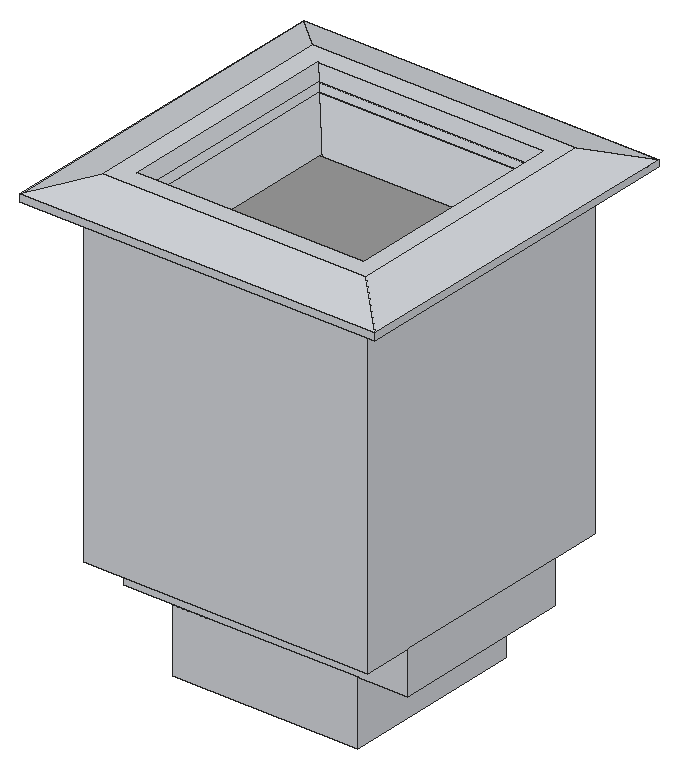
Revit family "2061051 Sylvania Lighting Fixture DOMINO 1xLED 930 BLACK MB TRIM BLACK", category Lighting Fixtures, host Face, Revit 2018
Family settings
  Host = Face
  Round Connector Dimension = Use Diameter
  Part Type = Normal
  OmniClass Number = 23.80.70.00
  OmniClass Title = Lighting
  Cut with Voids When Loaded = No
  Light Source = Yes
  Shared = No
  Room Calculation Point = No
Parameters (values of type "2061051 DOMINO 1XLED 930 BLACK MB TR BLK ")
  top top width = 15.812 mm
  top top length = 26 mm
  Width = 50 mm
  Weight = "n/a"
  Wattage Comments = ""
  Wattage = 9.2903 W
  WarrantyStartDate [instance] = "n/a"
  WarrantyGuarantorParts = "n/a"
  WarrantyDurationUnit = "n/a"
  WarrantyDurationParts = ""
  WarrantyDescription = "http://www.sylvania-lighting.com"
  built-in parameter 1150110 = 1 (stored number, unit not read)
  Voltage = 0 V
  URL = "0.6"
  TypeName = "DOMINO 1xLED 930 BLACK MB TRIM BLACK"
  Type Image = <None>
  Type Comments = "n/a"
  built-in parameter 1114217 = 1 (stored number, unit not read)
  Top Width = 26 mm
  Tilt Angle = 90.00°
  built-in parameter 1150109 = 1 (stored number, unit not read)
  built-in parameter 1150134 = 3
  built-in parameter 1150113 = 1 (stored number, unit not read)
  SerialNumber [instance] = "n/a"
  Recessed Width = 43 mm
  Recessed Length = 43 mm
  Photometric Web File = "2061051.ies"
  Material_3_FEILO = none
  PowerFactor = 0
  PowerConsumption = "Lighting"
  NominalLength = 50 mm
  NominalHeight = 0 mm
  NominalDepth = 0 mm
  Name = "DOMINO 1xLED 930 BLACK MB TRIM BLACK"
  ModelReference = Name  # "DOMINO 1xLED 930 BLACK MB TRIM BLACK"
  ModelNumber = "2061051"
  Model = Name  # "DOMINO 1xLED 930 BLACK MB TRIM BLACK"
  Material = "Feilo Sylvania"
  ManufacturerName = "44 lm/W"
  Manufacturer = ""
  LuminousEfficacy = ""
  built-in parameter 1150105 = 109.82 (stored number, unit not read)
  Lumens = 1380 lm
  LuminaireType = "0"
  built-in parameter 1150115 = 1 (stored number, unit not read)
  LightOutputRatio = "LED"
  built-in parameter 1150137 = (empty or 0)
  built-in parameter 1150139 = (empty or 0)
  Lens inside recess = 25 mm
  Lens Width = 32 mm
  Lens Outside recess = 31.978 mm
  Lens = Glass, White, High Luminance
  Length = 50 mm
  LampsType = Lamp  # "n/a"
  LampNominalLuminous = "3000 K"
  LampMacAdamStep = "90"
  LampColourTemperature = "LED"
  LampColourRenderingIndex = "16500"
  built-in parameter 1150112 = 1 (stored number, unit not read)
  built-in parameter 1150114 = 1 (stored number, unit not read)
  Lamp = "n/a"
  Keynote = "n/a"
  InstallationDate [instance] = "n/a"
  InputVoltage = "0"
  InputNominalFrequency = "3000"
  built-in parameter 1150132 = (empty or 0)
  built-in parameter 1150102 = (empty or 0)
  built-in parameter 1150107 = 3200 (stored number, unit not read)
  built-in parameter 1150138 = (empty or 0)
  IngressProtection = "IfcLightFixtureType"
  ImpactProtectionIndex = "IfcLightFixtureType"
  built-in parameter 1150106 = 1.0982 (stored number, unit not read)
  IfcExportType = "IfcLightFixtureType"
  IfcExportAs = "Class II"
  Facia internal width = 37 mm
  Facia internal length = 37 mm
  Facia Height = 2 mm
  ExpectedLife = 50000
  Emit from Circle Diameter = 609.6 mm
  Emit Shape Visible in Rendering = no
  ElectricShockClassification = "44"
  built-in parameter 1150104 = 13.8 (stored number, unit not read)
  DurationUnit = "hours"
  DocumentationLiterature = "http://www.sylvania-lighting.com/product/en-int/products/2061051"
  DimmingControlOptions = "n/a"
  Material_2_FEILO = none
  Dimming Lamp Color Temperature Shift = <None>
  Description = "Modular LED recessed linear spotlight, ideal for retail and hospitality applications. Die-cast aluminium body, passive cooling. Two levels of reflector installation, low glaring UGR<16. 1x LED source, 30° beam angle , optics: PMMA lens and polycarbonate reflector combination, Black matt reflector finish. Light color temperature: 3000K warm white, total system power: 4W , total fixture lumen output: 175lm, efficacy: 44 lm/W, Ra90 typical, LED chromacity: 3 step MacAdam ellipse (SDCM3), lifespan: 96,000 hours at 90% of the original output (L90B10), IR/UV free light source without heat radiation, operating voltage: 220-240V / 50-60Hz, electronic driver, ultra low flicker, non-dimmable , electrical protection: Class II. Degree of Protection: IP40/IP20, suitable for indoor environment only. Ceiling cut-out: 43x43mm, outer dimensions:  50x50mm trim frame RAL 9005 - Jet black color.5 years Warranty."
  Default Elevation = 1219.2 mm
  CreatedOn = "09/02/2021"
  CreatedBy = "@sylvania-lighting.com"
  Cost = 0
  Color Filter = 16777215
  built-in parameter 1114216 [instance] = (empty or 0)
  ClassificationValue = "EF_70_80"
  ClassificationName = "Uniclass2015"
  Material_1_FEILO = none
  Body Width = 40 mm
  Body Length = 40 mm
  BarCode [instance] = "n/a"
  built-in parameter 1114218 = 1 (stored number, unit not read)
  built-in parameter 1150133 = 10 (stored number, unit not read)
  AssetType = "Fixed"
  AssetIdentifier [instance] = "n/a"
  Assembly Code = "D5020200"
  Apparent Load = 4 VA
  Material_4_FEILO = none
Reference planes
  plane 1 "Center (Front/Back)": y = 0
  plane 2: z = 0
  plane 3 "Center (Left/Right)": x = 0
  plane 4: z = 0
  plane 5: z = -7
  plane 6: z = -45.895
  plane 7: z = -51.895
  plane 8: z = -60.895
  plane 9: x = -21.5
  plane 10: x = 21.5
  plane 11: y = 21.5
  plane 12: y = -21.5
  plane 13: x = -25
  plane 14: x = 25
  plane 15: y = 25
  plane 16: y = -25
  plane 17: x = 18.5
  plane 18: x = -18.5
  plane 19: y = 18.5
  plane 20: y = -18.5
  plane 21: z = 2
  plane 22: x = -20
  plane 23: x = 20
  plane 24: y = 20
  plane 25: y = -20
  plane 26: y = 13
  plane 27: y = -13
  plane 28: y = 16
  plane 29: y = -16
  plane 30: x = 13
  plane 31: x = -13
  plane 32: x = -15.772
  plane 33: x = 16.206
  plane 34: y = 12.5
  plane 35: y = -12.5
  plane 36: x = -12.5
  plane 37: x = 12.5
Forms (mm)
  Extrusion 1, solid, not visible, detail levels medium+fine
    sketch origin (4.2, 0, 0) x (1, 0, 0) y (0, 1, 0)
      loop
        line (-29.2, 34.5) -> (-29.2, -34.5) -> (20.8, -34.5) -> (20.8, 34.5) -> (-29.2, 34.5)
    from 0 to 1
  Extrusion 2, solid, not visible, detail levels medium+fine
    sketch origin (4.044, 0, 0) x (1, 0, 0) y (0, 1, 0)
      loop
        line (-29.2, 34.5) -> (-29.2, -34.5) -> (20.8, -34.5) -> (20.8, 34.5) -> (-29.2, 34.5)
    from 0 to 1
  Blend 3, solid, not visible, detail levels medium+fine
    base sketch origin (4.2, 0, 0) x (1, 0, 0) y (0, 1, 0)
      loop
        line (-29.2, 34.5) -> (-29.2, -34.5) -> (20.8, -34.5) -> (20.8, 34.5) -> (-29.2, 34.5)
    top sketch origin (4.2, 0, 0) x (1, 0, 0) y (0, 1, 0)
      loop
        line (-21.7, 28) -> (-21.7, -28) -> (13.3, -28) -> (13.3, 28) -> (-21.7, 28)
    from 1 to 3
  Extrusion 4, solid, not visible, detail levels medium+fine
    sketch origin (3.419, 0, 0) x (1, 0, 0) y (0, 1, 0)
      loop
        line (-29.2, 34.5) -> (-29.2, -34.5) -> (20.8, -34.5) -> (20.8, 34.5) -> (-29.2, 34.5)
    from 0 to 1
  Blend 5, solid, not visible, detail levels medium+fine
    base sketch origin (3.575, 0, 0) x (1, 0, 0) y (0, 1, 0)
      loop
        line (-29.2, 34.5) -> (-29.2, -34.5) -> (20.8, -34.5) -> (20.8, 34.5) -> (-29.2, 34.5)
    top sketch origin (3.575, 0, 0) x (1, 0, 0) y (0, 1, 0)
      loop
        line (-21.7, 28) -> (-21.7, -28) -> (13.3, -28) -> (13.3, 28) -> (-21.7, 28)
    from 1 to 3
  Extrusion 6, solid, not visible, detail levels medium+fine
    sketch origin (4.247, 0, 0) x (1, 0, 0) y (0, 1, 0)
      loop
        line (-29.2, 34.5) -> (-29.2, -34.5) -> (20.8, -34.5) -> (20.8, 34.5) -> (-29.2, 34.5)
    from 0 to 1
  Blend 7, solid, not visible, detail levels medium+fine
    base sketch origin (4.403, 0, 0) x (1, 0, 0) y (0, 1, 0)
      loop
        line (-29.2, 34.5) -> (-29.2, -34.5) -> (20.8, -34.5) -> (20.8, 34.5) -> (-29.2, 34.5)
    top sketch origin (4.403, 0, 0) x (1, 0, 0) y (0, 1, 0)
      loop
        line (-21.7, 28) -> (-21.7, -28) -> (13.3, -28) -> (13.3, 28) -> (-21.7, 28)
    from 1 to 3
  Extrusion 8, void, detail levels medium+fine
    sketch origin (4.2, 0, 0) x (0, 1, 0) y (1, 0, 0)
      loop
        line (21.5, -25.7) -> (21.5, 17.3) -> (-21.5, 17.3) -> (-21.5, -25.7) -> (21.5, -25.7)
    from -9.934 to 83.097
  Extrusion 9, solid, detail levels medium+fine
    sketch origin (4.2, 0, 0) x (1, 0, 0) y (0, 1, 0)
      loop
        line (-29.2, 25) -> (-29.2, -25) -> (20.8, -25) -> (20.8, 25) -> (-29.2, 25)
    from 0 to 1
  Extrusion 10, solid, detail levels medium+fine
    sketch origin (4.2, 0, 0) x (1, 0, 0) y (0, 1, 0)
      loop
        line (-24.2, 20) -> (-24.2, -20) -> (15.8, -20) -> (15.8, 20) -> (-24.2, 20)
    from 0 to -45.895
  Extrusion 11, solid, detail levels medium+fine
    sketch origin (4.2, 0, 0) x (1, 0, 0) y (0, 1, 0)
      loop
        line (-24.2, 13) -> (-24.2, -13) -> (15.8, -13) -> (15.8, 13) -> (-24.2, 13)
    from -51.895 to -45.895
  Extrusion 12, solid, material "Glass, White, High Luminance" <- "Lens", detail levels fine
    sketch origin (13.547, 1218.849, 36.156) x (1, 0, 0) y (0, 1, 0)
      loop
        line (-26.047, -1206.7) -> (-26.047, -1231.7) -> (-1.047, -1231.7) -> (-1.047, -1206.7) -> (-26.047, -1206.7)
    from -43.156 to -42.182
  Blend 13, solid, detail levels medium+fine
    base sketch origin (4.2, 0, 0) x (1, 0, 0) y (0, 1, 0)
      loop
        line (-29.2, 25) -> (-29.2, -25) -> (20.8, -25) -> (20.8, 25) -> (-29.2, 25)
    top sketch origin (4.2, 0, 0) x (1, 0, 0) y (0, 1, 0)
      loop
        line (-22.7, 18.5) -> (-22.7, -18.5) -> (14.3, -18.5) -> (14.3, 18.5) -> (-22.7, 18.5)
    from 1 to 3
  Extrusion 14, solid, detail levels fine
    sketch origin (0, 0, 0) x (1, 0, 0) y (0, 0, 1)
      loop
        line (-13, -51.895) -> (-13, -60.895) -> (13, -60.895) -> (13, -51.895) -> (-13, -51.895)
    from -13 to 13
  Blend 15, void, detail levels medium+fine
    base sketch origin (4.2, 0, 0) x (0, 1, 0) y (-1, 0, 0)
      loop
        line (16, 19.972) -> (-16, 19.972) -> (-16, -12.006) -> (16, -12.006) -> (16, 19.972)
    top sketch origin (4.2, 0, 0) x (0, 1, 0) y (-1, 0, 0)
      loop
        line (12.5, 16.7) -> (-12.5, 16.7) -> (-12.5, -8.3) -> (12.5, -8.3) -> (12.5, 16.7)
    from 3 to -7
  Extrusion 16, solid, detail levels coarse
    sketch origin (4.2, 0, 0) x (1, 0, 0) y (0, 1, 0)
      loop
        line (-29.2, 25) -> (-29.2, -25) -> (20.8, -25) -> (20.8, 25) -> (-29.2, 25)
    from 3 to -60.895
Cuts and joins
  Blend 15 cuts Extrusion 9
  Blend 15 cuts Extrusion 10
  Blend 15 cuts Blend 13
Dimensions and locks
  "Recessed Length": plane 9 to plane 10
  equal spacing: plane 9, plane 3 "Center (Left/Right)", plane 10
  "Length": plane 13 to plane 14
  equal spacing: plane 13, plane 3 "Center (Left/Right)", plane 14
  "Recessed Width": plane 11 to plane 12
  equal spacing: plane 11, plane 1 "Center (Front/Back)", plane 12
  "Width": plane 15 to plane 16
  equal spacing: plane 15, plane 1 "Center (Front/Back)", plane 16
  "Facia internal length": plane 18 to plane 17
  equal spacing: plane 18, plane 3 "Center (Left/Right)", plane 17
  "Facia internal width": plane 19 to plane 20
  equal spacing: plane 19, plane 1 "Center (Front/Back)", plane 20
  "Facia Height": plane 21 to host face
  "Body Length": plane 22 to plane 23
  equal spacing: plane 22, plane 3 "Center (Left/Right)", plane 23
  "Body Width": plane 24 to plane 25
  equal spacing: plane 24, plane 1 "Center (Front/Back)", plane 25
  "Top Width": plane 26 to plane 27
  equal spacing: plane 26, plane 1 "Center (Front/Back)", plane 27
  "Lens Width": plane 28 to plane 29
  equal spacing: plane 28, plane 1 "Center (Front/Back)", plane 29
  "top top length": plane 31 to plane 30
  equal spacing: plane 31, plane 3 "Center (Left/Right)", plane 30  (x2)
  plane 30 to plane 31 = 26 mm
  equal spacing: plane 30, plane 3 "Center (Left/Right)", plane 31
  "Lens Outside recess": plane 32 to plane 33
  "Lens inside recess": plane 34 to plane 35
  equal spacing: plane 34, plane 1 "Center (Front/Back)", plane 35
  aligned and locked: plane 2 to host face
  aligned and locked: level to host face
  aligned and locked: Extrusion 11 to plane 7
  aligned and locked: Extrusion 10 to plane 6
  aligned and locked: cut or joined group of Blend 13, Blend 15 to Blend 15
Automatic sketch dimensions
  host sketch curve to host sketch curve = 2438.4 mm  (x2)
  Extrusion 1 sketch curve to Extrusion 1 sketch curve = 50 mm
  Extrusion 1 sketch curve to Extrusion 1 sketch curve = 69 mm
  Extrusion 2 sketch curve to Extrusion 2 sketch curve = 50 mm
  Extrusion 2 sketch curve to Extrusion 2 sketch curve = 69 mm
  Blend 3 sketch curve to Blend 3 sketch curve = 50 mm
  Blend 3 sketch curve to Blend 3 sketch curve = 69 mm
  Blend 3 sketch curve to Blend 3 sketch curve = 35 mm
  Blend 3 sketch curve to Blend 3 sketch curve = 56 mm
  Extrusion 4 sketch curve to Extrusion 4 sketch curve = 50 mm
  Extrusion 4 sketch curve to Extrusion 4 sketch curve = 69 mm
  Blend 5 sketch curve to Blend 5 sketch curve = 50 mm
  Blend 5 sketch curve to Blend 5 sketch curve = 69 mm
  Blend 5 sketch curve to Blend 5 sketch curve = 35 mm
  Blend 5 sketch curve to Blend 5 sketch curve = 56 mm
  Extrusion 6 sketch curve to Extrusion 6 sketch curve = 50 mm
  Extrusion 6 sketch curve to Extrusion 6 sketch curve = 69 mm
  Blend 7 sketch curve to Blend 7 sketch curve = 50 mm
  Blend 7 sketch curve to Blend 7 sketch curve = 69 mm
  Blend 7 sketch curve to Blend 7 sketch curve = 35 mm
  Blend 7 sketch curve to Blend 7 sketch curve = 56 mm
  plane 9 to Extrusion 8 sketch curve = 0 mm
  Extrusion 8 sketch curve to plane 12 = 0 mm
  Extrusion 8 sketch curve to plane 11 = 0 mm
  Extrusion 8 sketch curve to plane 10 = 0 mm
  plane 13 to Extrusion 9 sketch curve = 0 mm
  plane 14 to Extrusion 9 sketch curve = 0 mm
  Extrusion 9 sketch curve to plane 16 = 0 mm
  Extrusion 9 sketch curve to plane 15 = 0 mm
  Extrusion 10 sketch curve to plane 22 = 0 mm
  Extrusion 10 sketch curve to plane 23 = 0 mm
  Extrusion 10 sketch curve to plane 25 = 0 mm
  Extrusion 10 sketch curve to plane 24 = 0 mm
  Extrusion 11 sketch curve to plane 22 = 0 mm
  Extrusion 11 sketch curve to plane 23 = 0 mm
  Extrusion 11 sketch curve to plane 27 = 0 mm
  Extrusion 11 sketch curve to plane 26 = 0 mm
  Extrusion 12 sketch curve to plane 11 = 9.351 mm
  plane 1 "Center (Front/Back)" to Extrusion 12 sketch curve = 12.851 mm
  plane 18 to Extrusion 12 sketch curve = 6 mm
  Blend 13 sketch curve to plane 13 = 0 mm
  Blend 13 sketch curve to plane 14 = 0 mm
  Blend 13 sketch curve to plane 16 = 0 mm
  Blend 13 sketch curve to plane 15 = 0 mm
  Blend 13 sketch curve to plane 18 = 0 mm
  Blend 13 sketch curve to plane 17 = 0 mm
  Blend 13 sketch curve to plane 20 = 0 mm
  Blend 13 sketch curve to plane 19 = 0 mm
  Extrusion 12 sketch curve to Extrusion 12 sketch curve = 25 mm
  Extrusion 14 sketch curve to plane 8 = 0 mm
  Extrusion 14 sketch curve to plane 31 = 0 mm
  Extrusion 14 sketch curve to plane 30 = 0 mm
  Extrusion 14 sketch curve to plane 7 = 0 mm
  Blend 15 sketch curve to plane 29 = 0 mm
  Blend 15 sketch curve to plane 28 = 0 mm
  Blend 15 sketch curve to plane 33 = 0 mm
  Blend 15 sketch curve to plane 32 = 0 mm
  Blend 15 sketch curve to plane 35 = 0 mm
  Blend 15 sketch curve to plane 34 = 0 mm
  Blend 15 sketch curve to plane 37 = 0 mm
  Blend 15 sketch curve to plane 36 = 0 mm
  Extrusion 16 sketch curve to plane 13 = 0 mm
  Extrusion 16 sketch curve to plane 14 = 0 mm
  Extrusion 16 sketch curve to plane 16 = 0 mm
  Extrusion 16 sketch curve to plane 15 = 0 mm
Connectors
  electrical at (0, 0, -60.895)
    settings: on Extrusion 14, index 1, voltage 0 V, apparent load 0 VA, apparent load phase1 0 VA, apparent load phase2 0 VA, apparent load phase3 0 VA, power factor 1, load classification "Other", number of poles 1, system type 31, power factor state 1, is connector primary yes, connector utility no, sub classification motor no, connector description ""
